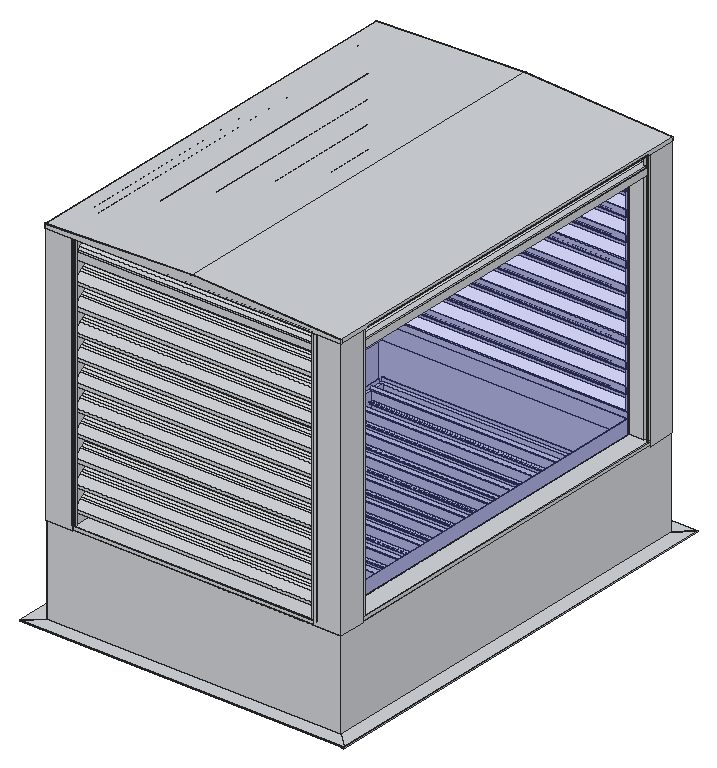
Revit family "PEL-4EV", category Mechanical Equipment, Revit 2015
Parameters
  URL = "http://unitedenertech.com/catalog/pdf/B_8%20PEL-4EV.pdf"
  Type Comments = "Louvers and Dampers will split to Multi Section Assemblies if Max. Sizes are Exceeded. See EL-4 and S-3V-I Submittals for Max. Size Listings."
  Model = "PEL-4EV"
  Manufacturer = "United Enertech Corporation"
  Louver Height [instance] = Height - C - 0' 0 7/32"  # 4' - 5 25/32"
  Louver B Width [instance] = B - 0' 9 3/4"  # 6' - 2 1/4"
  Louver A Width [instance] = A - 0' 9 3/4"  # 4' - 2 1/4"
  Height = 6' - 0"
  Description = "Louvered Penthouse 4\" Elevator Vent"
  Damper Width [instance] = A - 0' 11 1/2"  # 4' - 0 1/2"
  Damper Height [instance] = B - 0' 11 1/2"  # 6' - 0 1/2"
  C = 1' - 6"
  B Roof [instance] = B + 0' 0 1/4"  # 7' - 0 1/4"
  B = 7' - 0"
  A Roof [instance] = A + 0' 0 1/4"  # 5' - 0 1/4"
  A = 5' - 0"
Reference planes (in)
  plane 1 "Center (Front/Back)": y = 0
  plane 2: z = 0
  plane 3 "Center (Left/Right)": x = 0
  plane 4: x = -30
  plane 5: y = 42
  plane 6: x = 30
  plane 7: y = -42
  plane 8: z = 18
  plane 9: z = 72
  plane 10: z = 7.0625
  plane 11: x = -24.25
  plane 12: x = 24.25
  plane 13: y = 36.25
  plane 14: y = -36.25
  plane 15: z = 18.22
Forms (in)
  Extrusion 1, solid
    sketch origin (39.9625, 19.9659, 0) x (1, 0, 0) y (0, 1, 0)
      loop
        line (-70.0525, 16.6241) -> (-69.9625, 16.6241) -> (-69.9625, 22.0341) -> (-64.5525, 22.0341) -> (-64.5525, 22.1241) -> (-70.0525, 22.1241) -> (-70.0525, 16.6241)
    from 18.22 to 72
  Extrusion 2, solid
    sketch origin (-39.9625, 19.9659, 0) x (-1, 0, 0) y (0, -1, 0)
      loop
        line (-70.0525, -16.6241) -> (-70.0525, -22.1241) -> (-64.5525, -22.1241) -> (-64.5525, -22.0341) -> (-69.9625, -22.0341) -> (-69.9625, -16.6241) -> (-70.0525, -16.6241)
    from 18.22 to 72
  Extrusion 3, solid
    sketch origin (39.9625, -19.9659, 0) x (1, 0, 0) y (0, 1, 0)
      loop
        line (-70.0525, -16.6241) -> (-70.0525, -22.1241) -> (-64.5525, -22.1241) -> (-64.5525, -22.0341) -> (-69.9625, -22.0341) -> (-69.9625, -16.6241) -> (-70.0525, -16.6241)
    from 18.22 to 72
  Extrusion 4, solid
    sketch origin (-39.9625, -19.9659, 0) x (-1, 0, 0) y (0, -1, 0)
      loop
        line (-70.0525, 16.6241) -> (-69.9625, 16.6241) -> (-69.9625, 22.0341) -> (-64.5525, 22.0341) -> (-64.5525, 22.1241) -> (-70.0525, 22.1241) -> (-70.0525, 16.6241)
    from 18.22 to 72
Dimensions and locks (in)
  equal spacing: plane 4, plane 3 "Center (Left/Right)", plane 6
  "A": plane 4 to plane 6
  equal spacing: plane 5, plane 1 "Center (Front/Back)", plane 7
  "B": plane 5 to plane 7
  "C": plane 8 to level
  "Height": plane 9 to level
  locked: plane 10 to level at 7.0625
  equal spacing: plane 11, plane 3 "Center (Left/Right)", plane 12
  "Damper Width": plane 11 to plane 12
  equal spacing: plane 14, plane 1 "Center (Front/Back)", plane 13
  "Damper Height": plane 14 to plane 13
  locked: plane 8 to plane 15 at 0.22
  aligned and locked: level to plane 2
  aligned and locked: nested 1 to plane 5
  aligned and locked: plane 3 "Center (Left/Right)" to nested 1
  aligned and locked: nested 3 to plane 7
  aligned and locked: nested 2 to plane 6
  aligned and locked: plane 1 "Center (Front/Back)" to nested 2
  aligned and locked: plane 4 to nested 4
  aligned and locked: plane 3 "Center (Left/Right)" to nested 5
  aligned and locked: nested 5 to plane 1 "Center (Front/Back)"
  aligned and locked: nested 5 to plane 10
  aligned and locked: plane 3 "Center (Left/Right)" to nested 6
  aligned and locked: nested 6 to plane 7
  aligned and locked: plane 15 to nested 6
  aligned and locked: nested 8 to plane 15
  aligned and locked: nested 8 to plane 3 "Center (Left/Right)"
  aligned and locked: nested 8 to plane 5
  aligned and locked: plane 1 "Center (Front/Back)" to nested 7
  aligned and locked: plane 4 to nested 7
  aligned and locked: plane 15 to nested 7
  aligned and locked: nested 9 to plane 1 "Center (Front/Back)"
  aligned and locked: plane 6 to nested 9
  aligned and locked: plane 15 to nested 9
  aligned and locked: Extrusion 1 to nested 4
  aligned and locked: nested 1 to Extrusion 1
  aligned and locked: plane 15 to Extrusion 1
  aligned and locked: plane 9 to Extrusion 1
  aligned and locked: Extrusion 2 to plane 5
  aligned and locked: nested 2 to Extrusion 2
  aligned and locked: plane 7 to Extrusion 3
  aligned and locked: Extrusion 3 to nested 4
  aligned and locked: nested 2 to Extrusion 4
  aligned and locked: Extrusion 4 to nested 3
  aligned and locked: plane 15 to Extrusion 2
  aligned and locked: plane 9 to Extrusion 2
  aligned and locked: plane 15 to Extrusion 3
  aligned and locked: plane 9 to Extrusion 3
  aligned and locked: plane 15 to Extrusion 4
  aligned and locked: plane 9 to Extrusion 4
  aligned and locked: plane 1 "Center (Front/Back)" to nested 10
  aligned and locked: plane 3 "Center (Left/Right)" to nested 10
  aligned and locked: plane 9 to nested 10
Automatic sketch dimensions
  Extrusion 1 sketch curve to plane 4 = 0' - 0"
  Extrusion 1 sketch curve to plane 5 = 0' - 0"
  Extrusion 1 sketch curve to Extrusion 1 sketch curve = 0' - 0.09"
  plane 5 to Extrusion 1 sketch curve = 0' - 0.09"
  Extrusion 1 sketch curve to plane 11 = 0' - 0.34"
  plane 13 to Extrusion 1 sketch curve = 0' - 0.34"
  Extrusion 2 sketch curve to plane 5 = 0' - 0"
  Extrusion 2 sketch curve to plane 6 = 0' - 0"
  Extrusion 2 sketch curve to Extrusion 2 sketch curve = 0' - 0.09"
  Extrusion 2 sketch curve to plane 5 = 0' - 0.09"
  Extrusion 2 sketch curve to plane 12 = 0' - 0.34"
  Extrusion 2 sketch curve to plane 13 = 0' - 0.34"
  Extrusion 3 sketch curve to plane 4 = 0' - 0"
  Extrusion 3 sketch curve to plane 7 = 0' - 0"
  Extrusion 3 sketch curve to Extrusion 3 sketch curve = 0' - 0.09"
  plane 7 to Extrusion 3 sketch curve = 0' - 0.09"
  plane 11 to Extrusion 3 sketch curve = 0' - 0.34"
  Extrusion 3 sketch curve to plane 14 = 0' - 0.34"
  Extrusion 4 sketch curve to plane 6 = 0' - 0"
  Extrusion 4 sketch curve to plane 7 = 0' - 0"
  Extrusion 4 sketch curve to Extrusion 4 sketch curve = 0' - 0.09"
  Extrusion 4 sketch curve to plane 7 = 0' - 0.09"
  plane 12 to Extrusion 4 sketch curve = 0' - 0.34"
  plane 14 to Extrusion 4 sketch curve = 0' - 0.34"
Nested families (in)
  nested 1: "Curb Side 1" at (0, 42, 0), type "Curb Side 1"
    with C 1' - 6"
  nested 2: "Curb Side 2" at (30, 0, 0) x (0, -1, 0) z (0, 0, 1), type "Curb Side 2"
    with Width 7' - 0", C 1' - 6"
  nested 3: "Curb Side 1" at (0, -42, 0), type "Curb Side 1"
    with C 1' - 6"
  nested 4: "Curb Side 2" at (-30, 0, 0) x (0, -1, 0) z (0, 0, 1), type "Curb Side 2"
    with Width 7' - 0", C 1' - 6"
  nested 5: "PEL-4EV S-3V-I" at (0, -36.25, 12.0625) x (1, 0, 0) z (0, 1, 0), type "PEL-4EV S-3V-I"
    with Blade Number 12, BW 3' - 10", Exact Width 4' - 0 1/2", Exact Height 6' - 0 1/2"
  nested 6: "EL-4" at (0, -42, 18.22), type "EL-4"
    with Blade Number 10, BW 4' - 0 9/16", Exact Width 4' - 2 1/4", Exact Height 4' - 5 25/32"
  nested 7: "B Side with Blades" at (-30, 0, 18.22) x (0, -1, 0) z (0, 0, 1), type "B Side with Blades"
    with Blade Number 10, BW 6' - 0 9/16", Exact Width 6' - 2 1/4", Exact Height 4' - 5 25/32"
  nested 8: "EL-4" at (0, 42, 18.22), type "EL-4"
    with Blade Number 10, BW 4' - 0 9/16", Exact Width 4' - 2 1/4", Exact Height 4' - 5 25/32"
  nested 9: "B Side with Glass(Recovery)" at (30, 0, 18.22) x (0, 1, 0) z (0, 0, 1), type "B Side with Glass(Recovery)"
    with Blade Number 10, BW 6' - 0 9/16", Exact Width 6' - 2 1/4", Exact Height 4' - 5 25/32"
  nested 10: "Roof" at (0, 0, 71.5), type "Roof"
    with B 7' - 0 1/4", A 5' - 0 1/4"
Definition of nested family "Curb Side 1"
  Parameters (values of type "Curb Side 1")
    Width = 5' - 0"
    C = 1' - 0"
  Reference planes (in)
    plane 1 "Center (Front/Back)": y = 0
    plane 2: z = 0
    plane 3 "Center (Left/Right)": x = 0
    plane 4: x = -30
    plane 5: x = 30
    plane 6: x = 33
    plane 7: x = -33
  Forms (in)
    Extrusion 1, solid
      sketch origin (0, -0.3745, -0.23056) x (0, 1, 0) y (0, 0, 1)
        loop
          line (3.3745, 0.44062) -> (0.3745, 0.44062) -> (0.3745, 12.44062) -> (-4.5005, 12.44062) -> (-4.5005, 15.44062) -> (-4.6051, 15.44062) -> (-4.6051, 12.33516) -> (0.26903, 12.33516) -> (0.26903, 0.33516) -> (3.3745, 0.33516) -> (3.3745, 0.44062)
      from -33 to 33
    Extrusion 2, solid
      sketch origin (0, -0.3745, -0.23056) x (0, 1, 0) y (0, 0, 1)
        loop
          line (3.3745, 0.33516) -> (-1.1255, 0.33516) -> (-1.1255, 12.33516) -> (-1.2301, 12.33516) -> (-1.2301, 0.23056) -> (3.3745, 0.23056) -> (3.3745, 0.33516)
      from -33 to 33
    Extrusion 3, solid
      sketch origin (0, -0.3745, -0.23056) x (0, 1, 0) y (0, 0, 1)
        loop
          line (-1.2301, 7.23056) -> (-5.6051, 7.23056) -> (-5.6051, 7.12596) -> (-1.3347, 7.12596) -> (-1.3347, 6.48056) -> (-1.2301, 6.48056) -> (-1.2301, 7.23056)
      from -33 to 33
    Extrusion 4, void
      sketch origin (0, 0, 0) x (1, 0, 0) y (0, 1, 0)
        loop
          line (-33, 3) -> (-33, -10.08148) -> (-19.91852, -10.08148) -> (-33, 3)
      from 0 to 87.42667
    Extrusion 5, void
      sketch origin (0, 0, 0) x (-1, 0, 0) y (0, -1, 0)
        loop
          line (-33, -3) -> (-19.91852, 10.08148) -> (-33, 10.08148) -> (-33, -3)
      from 0 to 87.42667
  Cuts and joins
    Extrusion 4, Extrusion 5 cuts Extrusion 1
    Extrusion 4, Extrusion 5 cuts Extrusion 2
    Extrusion 4, Extrusion 5 cuts Extrusion 3
  Dimensions and locks (in)
    "C": Extrusion 1 sketch curve to Extrusion 1 sketch curve
    "C": Extrusion 2 sketch curve to Extrusion 2 sketch curve
    locked: Extrusion 3 to level at 7
    equal spacing: plane 4, plane 3 "Center (Left/Right)", plane 5
    "Width": plane 4 to plane 5
    locked: plane 5 to plane 6 at 3
    locked: plane 7 to plane 4 at 3
    angle Extrusion 4 sketch curve to Extrusion 4 sketch curve = 45.00°
    angle Extrusion 5 sketch curve to Extrusion 5 sketch curve = 45.00°
    aligned and locked: level to plane 2
    aligned and locked: plane 7 to Extrusion 4 sketch curve
    aligned and locked: Extrusion 5 sketch curve to plane 6
    aligned and locked: cut or joined group of Extrusion 1, Extrusion 4, Extrusion 5 to plane 7
    aligned and locked: cut or joined group of Extrusion 2, Extrusion 4, Extrusion 5 to plane 7
    aligned and locked: cut or joined group of Extrusion 3, Extrusion 4, Extrusion 5 to plane 7
    aligned and locked: cut or joined group of Extrusion 2, Extrusion 4, Extrusion 5 to plane 6
    aligned and locked: cut or joined group of Extrusion 1, Extrusion 4, Extrusion 5 to plane 6
    aligned and locked: cut or joined group of Extrusion 3, Extrusion 4, Extrusion 5 to plane 6
  Automatic sketch dimensions
    plane 1 "Center (Front/Back)" to Extrusion 3 sketch curve = 0' - 5.9796"
    plane 1 "Center (Front/Back)" to Extrusion 3 sketch curve = 0' - 1.7092"
    Extrusion 3 sketch curve to Extrusion 3 sketch curve = 0' - 0.1046"  (x2)
    level to Extrusion 3 sketch curve = 0' - 6 1/4"
    Extrusion 3 sketch curve to Extrusion 3 sketch curve = 0' - 0.6454"
    plane 4 to Extrusion 4 sketch curve = 0' - 10.08148"
    plane 1 "Center (Front/Back)" to Extrusion 4 sketch curve = 0' - 10.08148"
    plane 5 to Extrusion 5 sketch curve = 0' - 10.08148"
    Extrusion 5 sketch curve to plane 1 "Center (Front/Back)" = 0' - 10.08148"
    Extrusion 1 sketch curve to plane 1 "Center (Front/Back)" = 0' - 0"
    plane 1 "Center (Front/Back)" to Extrusion 1 sketch curve = 0' - 0 27/256"
    plane 1 "Center (Front/Back)" to Extrusion 1 sketch curve = 0' - 4 7/8"
    Extrusion 1 sketch curve to Extrusion 1 sketch curve = 0' - 0.1046"
    level to Extrusion 1 sketch curve = 0' - 0.21007"
    Extrusion 1 sketch curve to Extrusion 1 sketch curve = 0' - 3"  (x2)
    level to Extrusion 1 sketch curve = 0' - 0.1046"
    Extrusion 1 sketch curve to Extrusion 1 sketch curve = 0' - 0 27/256"
    Extrusion 2 sketch curve to level = 0' - 0"
    plane 1 "Center (Front/Back)" to Extrusion 2 sketch curve = 0' - 1.6046"
    Extrusion 2 sketch curve to Extrusion 2 sketch curve = 0' - 0.1046"
    Extrusion 2 sketch curve to plane 1 "Center (Front/Back)" = 0' - 3"
    level to Extrusion 2 sketch curve = 0' - 0.1046"
Definition of nested family "Curb Side 2"
  Parameters (values of type "Curb Side 2")
    Width = 5' - 0"
    C = 1' - 0"
  Reference planes (in)
    plane 1 "Center (Front/Back)": y = 0
    plane 2: z = 0
    plane 3 "Center (Left/Right)": x = 0
    plane 4: x = -30
    plane 5: x = 30
    plane 6: x = 33
    plane 7: x = -33
  Forms (in)
    Extrusion 1, solid
      sketch origin (0, -0.3745, -0.23056) x (0, 1, 0) y (0, 0, 1)
        loop
          line (3.3745, 0.44062) -> (0.3745, 0.44062) -> (0.3745, 12.44062) -> (-4.5005, 12.44062) -> (-4.5005, 15.44062) -> (-4.6051, 15.44062) -> (-4.6051, 12.33516) -> (0.26903, 12.33516) -> (0.26903, 0.33516) -> (3.3745, 0.33516) -> (3.3745, 0.44062)
      from -33 to 33
    Extrusion 2, solid
      sketch origin (0, -0.3745, -0.23056) x (0, 1, 0) y (0, 0, 1)
        loop
          line (3.3745, 0.33516) -> (-1.1255, 0.33516) -> (-1.1255, 12.33516) -> (-1.2301, 12.33516) -> (-1.2301, 0.23056) -> (3.3745, 0.23056) -> (3.3745, 0.33516)
      from -33 to 33
    Extrusion 3, solid
      sketch origin (0, -0.3745, -0.23056) x (0, 1, 0) y (0, 0, 1)
        loop
          line (-1.2301, 7.23056) -> (-5.6051, 7.23056) -> (-5.6051, 7.12596) -> (-1.3347, 7.12596) -> (-1.3347, 6.48056) -> (-1.2301, 6.48056) -> (-1.2301, 7.23056)
      from -33 to 33
    Extrusion 4, void
      sketch origin (0, 0, 0) x (1, 0, 0) y (0, 1, 0)
        loop
          line (-33, 3) -> (-33, -10.08148) -> (-19.91852, -10.08148) -> (-33, 3)
      from 0 to 87.42667
    Extrusion 5, void
      sketch origin (0, 0, 0) x (-1, 0, 0) y (0, -1, 0)
        loop
          line (-33, -3) -> (-19.91852, 10.08148) -> (-33, 10.08148) -> (-33, -3)
      from 0 to 87.42667
  Cuts and joins
    Extrusion 4, Extrusion 5 cuts Extrusion 1
    Extrusion 4, Extrusion 5 cuts Extrusion 2
    Extrusion 4, Extrusion 5 cuts Extrusion 3
  Dimensions and locks (in)
    "C": Extrusion 1 sketch curve to Extrusion 1 sketch curve
    "C": Extrusion 2 sketch curve to Extrusion 2 sketch curve
    locked: Extrusion 3 to level at 7
    equal spacing: plane 4, plane 3 "Center (Left/Right)", plane 5
    "Width": plane 4 to plane 5
    locked: plane 5 to plane 6 at 3
    locked: plane 7 to plane 4 at 3
    angle Extrusion 4 sketch curve to Extrusion 4 sketch curve = 45.00°
    angle Extrusion 5 sketch curve to Extrusion 5 sketch curve = 45.00°
    aligned and locked: level to plane 2
    aligned and locked: plane 7 to Extrusion 4 sketch curve
    aligned and locked: Extrusion 5 sketch curve to plane 6
    aligned and locked: cut or joined group of Extrusion 1, Extrusion 4, Extrusion 5 to plane 7
    aligned and locked: cut or joined group of Extrusion 2, Extrusion 4, Extrusion 5 to plane 7
    aligned and locked: cut or joined group of Extrusion 3, Extrusion 4, Extrusion 5 to plane 7
    aligned and locked: cut or joined group of Extrusion 2, Extrusion 4, Extrusion 5 to plane 6
    aligned and locked: cut or joined group of Extrusion 1, Extrusion 4, Extrusion 5 to plane 6
    aligned and locked: cut or joined group of Extrusion 3, Extrusion 4, Extrusion 5 to plane 6
  Automatic sketch dimensions
    plane 1 "Center (Front/Back)" to Extrusion 3 sketch curve = 0' - 5.9796"
    plane 1 "Center (Front/Back)" to Extrusion 3 sketch curve = 0' - 1.7092"
    Extrusion 3 sketch curve to Extrusion 3 sketch curve = 0' - 0.1046"  (x2)
    level to Extrusion 3 sketch curve = 0' - 6 1/4"
    Extrusion 3 sketch curve to Extrusion 3 sketch curve = 0' - 0.6454"
    plane 4 to Extrusion 4 sketch curve = 0' - 10.08148"
    plane 1 "Center (Front/Back)" to Extrusion 4 sketch curve = 0' - 10.08148"
    plane 5 to Extrusion 5 sketch curve = 0' - 10.08148"
    Extrusion 5 sketch curve to plane 1 "Center (Front/Back)" = 0' - 10.08148"
    Extrusion 1 sketch curve to plane 1 "Center (Front/Back)" = 0' - 0"
    plane 1 "Center (Front/Back)" to Extrusion 1 sketch curve = 0' - 0 27/256"
    plane 1 "Center (Front/Back)" to Extrusion 1 sketch curve = 0' - 4 7/8"
    Extrusion 1 sketch curve to Extrusion 1 sketch curve = 0' - 0.1046"
    level to Extrusion 1 sketch curve = 0' - 0.21007"
    Extrusion 1 sketch curve to Extrusion 1 sketch curve = 0' - 3"  (x2)
    level to Extrusion 1 sketch curve = 0' - 0.1046"
    Extrusion 1 sketch curve to Extrusion 1 sketch curve = 0' - 0 27/256"
    Extrusion 2 sketch curve to level = 0' - 0"
    plane 1 "Center (Front/Back)" to Extrusion 2 sketch curve = 0' - 1.6046"
    Extrusion 2 sketch curve to Extrusion 2 sketch curve = 0' - 0.1046"
    Extrusion 2 sketch curve to plane 1 "Center (Front/Back)" = 0' - 3"
    level to Extrusion 2 sketch curve = 0' - 0.1046"
Definition of nested family "PEL-4EV S-3V-I"
  Parameters (values of type "PEL-4EV S-3V-I")
    URL = "http://unitedenertech.com/catalog/pdf/C-1%20%20S-3V-I.pdf"
    Type Comments = "Max. Single Section Size is (36\"w x 48\"h)"
    Model = "S-3V-I, S-3V-II"
    Manufacturer = "United Enertech Corporation"
    Keynote = "FSLF-120 Actuator Shown In the Air Stream, Consult Factory for Out of the Air Stream Placement in Models. See Website for Correct Actuator for Damper Size."
    Exact Width = 3' - 0"
    Exact Height = 2' - 0"
    Description = "Low Leakage Smoke Damper"
    Depth = 1' - 4"
    Blade Spacing = 0' - 5 3/4"
    Blade Number [instance] = rounddown((Exact Height - 0' 3") / Blade Spacing)  # 3
    BW [instance] = Exact Width - 0' 2 1/2"  # 2' - 9 1/2"
  Reference planes (in)
    plane 1 "Center (Front/Back)": y = 0
    plane 2: z = 0
    plane 3 "Center (Left/Right)": x = 0
    plane 4: z = 24
    plane 5: x = -18
    plane 6: x = 18
    plane 7: z = 0.0359
    plane 8: z = 23.9641
    plane 9: x = -17.9641
    plane 10: x = 17.9641
    plane 11: y = 5
    plane 12: z = 0.9348
    plane 13: z = 23.0293
    plane 14: x = -17.0293
    plane 15: x = 17.0293
    plane 16: z = 20.27732
    plane 17: y = 4.3098
    plane 18: z = 22.5
    plane 19: z = 11.4428
    plane 20: z = 20.24218
    plane 21: z = 19.78895
    plane 22: z = 20.97045
    plane 23: z = 21.95421
    plane 24: z = -1
    plane 25: z = 24.9641
    plane 26: z = 12
  Forms (in)
    Extrusion 1, solid
      sketch origin (23.93472, -8.11588, 0) x (1, 0, 0) y (0, 1, 0)
        loop
          line (-41.83902, 8.11588) -> (-41.83902, 8.17568) -> (-41.83902, 8.80608) -> (-40.96402, 8.80608) -> (-40.96402, 12.42568) -> (-41.83902, 12.42568) -> (-41.83902, 13.05608) -> (-41.83902, 13.11588) -> (-41.89882, 13.11588) -> (-41.89882, 12.36588) -> (-41.02382, 12.36588) -> (-41.02382, 8.86588) -> (-41.89882, 8.86588) -> (-41.89882, 8.11588) -> (-41.83902, 8.11588)
      from 0.9348 to 23.0293
    Extrusion 2, solid
      sketch origin (31.96104, -8.11588, 36.89882) x (0, 0, 1) y (0, 1, 0)
        loop
          line (-36.83902, 8.17568) -> (-36.83902, 8.80608) -> (-35.96402, 8.80608) -> (-35.96402, 12.42568) -> (-36.83902, 12.42568) -> (-36.83902, 13.05608) -> (-36.83902, 13.11588) -> (-36.89882, 13.11588) -> (-36.89882, 12.36588) -> (-36.02382, 12.36588) -> (-36.02382, 8.86588) -> (-36.89882, 8.86588) -> (-36.89882, 8.11588) -> (-36.83902, 8.11588) -> (-36.83902, 8.17568)
      from 13.99694 to 49.92514
    Extrusion 3, solid
      sketch origin (26.89178, -38.52709, 32.33205) x (0, -1, 0) y (0, 0, -1)
        loop
          line (-41.02709, 9.80275) -> (-41.02709, 9.30275) -> (-40.27709, 9.30275) -> (-40.27709, 9.38375) -> (-40.94609, 9.38375) -> (-40.94609, 9.80275) -> (-41.02709, 9.80275)
      from -43.92108 to -9.86248
    Extrusion 4, solid
      sketch origin (62.39247, 5.64851, 0.33329) x (0, 1, 0) y (0, 0, 1)
        loop
          line (-3.14851, 3.60151) -> (-3.22663, 3.60151) -> (-3.22663, 0.67964) -> (-3.89851, 0.67964) -> (-3.89851, 0.60151) -> (-3.14851, 0.60151) -> (-3.14851, 3.60151)
      from -79.42177 to -45.36317
    Extrusion 5, solid
      sketch origin (-23.93472, -8.11588, 0) x (-1, 0, 0) y (0, -1, 0)
        loop
          line (-41.83902, -8.11588) -> (-41.89882, -8.11588) -> (-41.89882, -8.86588) -> (-41.02382, -8.86588) -> (-41.02382, -12.36588) -> (-41.89882, -12.36588) -> (-41.89882, -13.11588) -> (-41.83902, -13.11588) -> (-41.83902, -13.05608) -> (-41.83902, -12.42568) -> (-40.96402, -12.42568) -> (-40.96402, -8.80608) -> (-41.83902, -8.80608) -> (-41.83902, -8.17568) -> (-41.83902, -8.11588)
      from 0.9348 to 23.0293
    Extrusion 6, solid
      sketch origin (31.96104, -8.11588, 11.06528) x (0, 0, -1) y (0, -1, 0)
        loop
          line (-12.83902, -8.17568) -> (-12.83902, -8.11588) -> (-12.89882, -8.11588) -> (-12.89882, -8.86588) -> (-12.02382, -8.86588) -> (-12.02382, -12.36588) -> (-12.89882, -12.36588) -> (-12.89882, -13.11588) -> (-12.83902, -13.11588) -> (-12.83902, -13.05608) -> (-12.83902, -12.42568) -> (-11.96402, -12.42568) -> (-11.96402, -8.80608) -> (-12.83902, -8.80608) -> (-12.83902, -8.17568)
      from 13.99694 to 49.92514
    Extrusion 7, solid
      sketch origin (0, 0, 0) x (0, 1, 0) y (0, 0, 1)
        loop
          line (7.9528, 20.24218) -> (7.6668, 20.24218)
          arc (7.6668, 20.24218) -> (7.8098, 19.71875) -> (7.9528, 20.24218) r 0.28125
      from -17.9641 to 17.9641
    Extrusion 8, solid
      sketch origin (3.69528, 2.6823, 0) x (1, 0, 0) y (0, 1, 0)
        loop
          line (-21.65938, 1.3177) -> (-21.65938, 2.3177) -> (-22.65938, 2.3177) -> (-22.65938, 2.2699) -> (-21.70718, 2.2699) -> (-21.70718, 1.3177) -> (-21.65938, 1.3177)
      from -1 to 24.9641
    Extrusion 9, solid
      sketch origin (-3.69528, 2.6823, 0) x (-1, 0, 0) y (0, -1, 0)
        loop
          line (-21.65938, -1.3177) -> (-21.70718, -1.3177) -> (-21.70718, -2.2699) -> (-22.65938, -2.2699) -> (-22.65938, -2.3177) -> (-21.65938, -2.3177) -> (-21.65938, -1.3177)
      from -1 to 24.9641
    Extrusion 10, solid
      sketch origin (12, 2.6823, 15.69528) x (0, 0, 1) y (0, 1, 0)
        loop
          line (-15.65938, 1.3177) -> (-15.65938, 2.3177) -> (-16.65938, 2.3177) -> (-16.65938, 2.2699) -> (-15.70718, 2.2699) -> (-15.70718, 1.3177) -> (-15.65938, 1.3177)
      from -5.9641 to 29.9641
    Extrusion 11, solid
      sketch origin (12, 2.6823, 18.30472) x (0, 0, -1) y (0, -1, 0)
        loop
          line (-5.65938, -1.3177) -> (-5.70718, -1.3177) -> (-5.70718, -2.2699) -> (-6.65938, -2.2699) -> (-6.65938, -2.3177) -> (-5.65938, -2.3177) -> (-5.65938, -1.3177)
      from -5.9641 to 29.9641
  Dimensions and locks (in)
    "Exact Height": plane 4 to level
    equal spacing: plane 5, plane 3 "Center (Left/Right)", plane 6
    "Exact Width": plane 5 to plane 6
    locked: plane 7 to level at 0.0359
    locked: plane 4 to plane 8 at 0.0359
    locked: plane 5 to plane 9 at 0.0359
    locked: plane 10 to plane 6 at 0.0359
    locked: plane 1 "Center (Front/Back)" to plane 11 at 5
    locked: plane 12 to level at 0.9348
    locked: plane 8 to plane 13 at 0.9348
    locked: plane 14 to plane 9 at 0.9348
    locked: plane 10 to plane 15 at 0.9348
    locked: plane 4 to plane 16 at 3.72268
    locked: plane 11 to plane 17 at 0.6902
    locked: plane 4 to plane 18 at 1.5
    locked: plane 4 to plane 19 at 12.5572
    locked: plane 4 to plane 20 at 3.75782
    locked: plane 4 to plane 21 at 4.21105
    equal spacing: group 2, group 3, group 4  (x2)
    equal spacing: group 4, group 3, group 2
    "Blade Spacing": nested 4 to nested 5
    locked: plane 4 to plane 22 at 3.02955
    locked: plane 18 to plane 23 at 0.54579
    locked: plane 25 to plane 8 at 1
    equal spacing: plane 4, plane 26, level
    aligned and locked: level to plane 2
    aligned and locked: Extrusion 1 to plane 9
    aligned and locked: Extrusion 5 to plane 10
    aligned and locked: Extrusion 2 to plane 9
    aligned and locked: Extrusion 2 to plane 10
    aligned and locked: Extrusion 5 to plane 12
    aligned and locked: Extrusion 1 to plane 12
    aligned and locked: plane 8 to Extrusion 6
    aligned and locked: plane 13 to Extrusion 5
    aligned and locked: plane 13 to Extrusion 1
    aligned and locked: Extrusion 6 to plane 9
    aligned and locked: Extrusion 6 to plane 10
    aligned and locked: Extrusion 4 to plane 14
    aligned and locked: plane 15 to Extrusion 4
    aligned and locked: Extrusion 6 to plane 13
    aligned and locked: plane 13 to Extrusion 3
    aligned and locked: Extrusion 3 to plane 14
    aligned and locked: plane 15 to Extrusion 3
    aligned and locked: nested 2 to plane 10
    aligned and locked: plane 9 to nested 3
    aligned and locked: nested 3 to plane 17
    aligned and locked: plane 17 to nested 2
    aligned and locked: Extrusion 7 to plane 10
    aligned and locked: Extrusion 7 to plane 9
    aligned and locked: nested 3 to plane 18
    aligned and locked: plane 18 to nested 2
    aligned and locked: plane 20 to Extrusion 7
    aligned and locked: nested 4 to plane 21
    aligned and locked: nested 4 to plane 3 "Center (Left/Right)"
    aligned and locked: plane 15 to nested 6
    aligned and locked: plane 23 to nested 6
    aligned and locked: plane 9 to Extrusion 8
    aligned and locked: plane 24 to Extrusion 8
    aligned and locked: Extrusion 8 to plane 25
    aligned and locked: plane 10 to Extrusion 9
    aligned and locked: Extrusion 9 to plane 25
    aligned and locked: plane 24 to Extrusion 9
    aligned and locked: Extrusion 10 to plane 10
    aligned and locked: Extrusion 11 to plane 8
    aligned and locked: Extrusion 11 to plane 9
    aligned and locked: Extrusion 11 to plane 10
    aligned and locked: Extrusion 10 to plane 9
  Automatic sketch dimensions
    Extrusion 1 sketch curve to plane 9 = 0' - 0"  (x2)
    plane 1 "Center (Front/Back)" to Extrusion 1 sketch curve = 0' - 0"
    plane 17 to Extrusion 1 sketch curve = 0' - 0"
    plane 11 to Extrusion 1 sketch curve = 0' - 0"
    Extrusion 1 sketch curve to plane 14 = 0' - 0"
    plane 9 to Extrusion 1 sketch curve = 0' - 0.0598"  (x2)
    Extrusion 1 sketch curve to plane 14 = 0' - 0.0598"
    Extrusion 1 sketch curve to plane 1 "Center (Front/Back)" = 0' - 0.0598"
    Extrusion 1 sketch curve to Extrusion 1 sketch curve = 0' - 0.6304"
    Extrusion 1 sketch curve to Extrusion 1 sketch curve = 0' - 0.0598"  (x2)
    plane 17 to Extrusion 1 sketch curve = 0' - 0.0598"
    Extrusion 2 sketch curve to level = 0' - 0"  (x2)
    Extrusion 2 sketch curve to plane 1 "Center (Front/Back)" = 0' - 0"
    Extrusion 2 sketch curve to plane 17 = 0' - 0"
    Extrusion 2 sketch curve to plane 11 = 0' - 0"
    Extrusion 2 sketch curve to plane 12 = 0' - 0"
    plane 7 to Extrusion 2 sketch curve = 0' - 0.0239"  (x2)
    Extrusion 2 sketch curve to plane 12 = 0' - 0.0598"
    Extrusion 2 sketch curve to plane 1 "Center (Front/Back)" = 0' - 0.0598"
    Extrusion 2 sketch curve to Extrusion 2 sketch curve = 0' - 0.6304"
    Extrusion 2 sketch curve to Extrusion 2 sketch curve = 0' - 0.0598"
    plane 17 to Extrusion 2 sketch curve = 0' - 0.0598"
    plane 11 to Extrusion 2 sketch curve = 0' - 0.0598"
    plane 13 to Extrusion 3 sketch curve = 0' - 0"
    plane 18 to Extrusion 3 sketch curve = 0' - 0.0293"
    plane 17 to Extrusion 3 sketch curve = 0' - 1.8098"
    Extrusion 3 sketch curve to Extrusion 3 sketch curve = 0' - 0.081"
    Extrusion 3 sketch curve to plane 13 = 0' - 0.081"
    Extrusion 3 sketch curve to Extrusion 3 sketch curve = 0' - 0.669"
    plane 12 to Extrusion 4 sketch curve = 0' - 0"
    plane 12 to Extrusion 4 sketch curve = 0' - 0 5/64"
    Extrusion 4 sketch curve to plane 1 "Center (Front/Back)" = 0' - 1 3/4"
    plane 17 to Extrusion 4 sketch curve = 0' - 1.88793"
    Extrusion 4 sketch curve to Extrusion 4 sketch curve = 0' - 0 5/64"
    Extrusion 4 sketch curve to Extrusion 4 sketch curve = 0' - 2 59/64"
    Extrusion 5 sketch curve to plane 10 = 0' - 0"  (x2)
    plane 1 "Center (Front/Back)" to Extrusion 5 sketch curve = 0' - 0"
    plane 17 to Extrusion 5 sketch curve = 0' - 0"
    plane 11 to Extrusion 5 sketch curve = 0' - 0"
    Extrusion 5 sketch curve to plane 15 = 0' - 0"
    Extrusion 5 sketch curve to plane 10 = 0' - 0.0598"  (x2)
    Extrusion 5 sketch curve to plane 15 = 0' - 0.0598"
    plane 1 "Center (Front/Back)" to Extrusion 5 sketch curve = 0' - 0.0598"
    Extrusion 5 sketch curve to Extrusion 5 sketch curve = 0' - 0.6304"
    Extrusion 5 sketch curve to Extrusion 5 sketch curve = 0' - 0.0598"
    Extrusion 5 sketch curve to plane 17 = 0' - 0.0598"
    Extrusion 5 sketch curve to plane 11 = 0' - 0.0598"
    Extrusion 6 sketch curve to plane 8 = 0' - 0"  (x2)
    Extrusion 6 sketch curve to plane 1 "Center (Front/Back)" = 0' - 0"
    Extrusion 6 sketch curve to plane 17 = 0' - 0"
    Extrusion 6 sketch curve to plane 11 = 0' - 0"
    Extrusion 6 sketch curve to plane 13 = 0' - 0"
    Extrusion 6 sketch curve to plane 8 = 0' - 0.0598"  (x2)
    plane 13 to Extrusion 6 sketch curve = 0' - 0.0598"
    plane 11 to Extrusion 6 sketch curve = 0' - 0.0598"
    plane 17 to Extrusion 6 sketch curve = 0' - 0.0598"
    Extrusion 6 sketch curve to Extrusion 6 sketch curve = 0' - 0 3/4"
    Extrusion 6 sketch curve to Extrusion 6 sketch curve = 0' - 0.0598"  (x2)
    Extrusion 7 sketch curve to plane 20 = 0' - 0"
    Extrusion 7 sketch curve to plane 11 = 0' - 2.6668"
    Extrusion 7 sketch curve to Extrusion 7 sketch curve = 0' - 0.143"
    plane 21 to Extrusion 7 sketch curve = 0' - 0.21105"
    plane 11 to Extrusion 8 sketch curve = 0' - 0"
    Extrusion 8 sketch curve to plane 9 = 0' - 0"
    plane 5 to Extrusion 8 sketch curve = 0' - 0.0119"
    Extrusion 8 sketch curve to Extrusion 8 sketch curve = 0' - 0.9522"
    plane 11 to Extrusion 8 sketch curve = 0' - 0.0478"
    plane 17 to Extrusion 8 sketch curve = 0' - 0.3098"
    plane 11 to Extrusion 9 sketch curve = 0' - 0"
    Extrusion 9 sketch curve to plane 10 = 0' - 0"
    Extrusion 9 sketch curve to plane 6 = 0' - 0.0119"
    Extrusion 9 sketch curve to Extrusion 9 sketch curve = 0' - 0.9522"
    Extrusion 9 sketch curve to plane 11 = 0' - 0.0478"
    Extrusion 9 sketch curve to plane 17 = 0' - 0.3098"
    Extrusion 10 sketch curve to plane 11 = 0' - 0"
    Extrusion 10 sketch curve to plane 7 = 0' - 0"
    Extrusion 10 sketch curve to level = 0' - 0.0119"
    Extrusion 10 sketch curve to plane 24 = 0' - 0.0359"
    plane 11 to Extrusion 10 sketch curve = 0' - 0.0478"
    plane 17 to Extrusion 10 sketch curve = 0' - 0.3098"
    Extrusion 11 sketch curve to plane 11 = 0' - 0"
    plane 11 to Extrusion 11 sketch curve = 0' - 0.0478"
    plane 19 to Extrusion 11 sketch curve = 1' - 1.5213"
    Extrusion 11 sketch curve to Extrusion 11 sketch curve = 0' - 0.9522"
    Extrusion 11 sketch curve to Extrusion 11 sketch curve = 0' - 0.0478"
    plane 17 to Extrusion 11 sketch curve = 0' - 0.3098"
  Nested families (in)
    nested 1: "160BL" at (62.39247, -25.11688, 30.67097), type "160BL", not visible
      with Blade Width 2' - 9 1/2"
    nested 2: "Fire Smoke Actuator Bracket" at (18.23913, 4.3098, 21.56141) x (0, 0, 1) z (0, 1, 0), type "Fire Smoke Actuator Bracket"
    nested 3: "Fire Smoke Actuator Bracket" at (-18.23913, 4.3098, 21.56141) x (0, 0, 1) z (0, 1, 0), type "Fire Smoke Actuator Bracket"
    nested 4: "3VBLADE" at (0, -1.33126, 18.20661), type "3VBLADE"
      with Blade Width 2' - 9 1/2"
    nested 5: "3VBLADE" at (0, -1.33126, 12.45661), type "3VBLADE"
      with Blade Width 2' - 9 1/2"
    nested 6: "FSLF-120" at (14.8204, 15.07499, 25.2294) x (1, 0, 0) z (0, -1, 0), type "FSLF-120"
    nested 7: "3VBLADE" at (0, -1.33126, 6.70661), type "3VBLADE"
      with Blade Width 2' - 9 1/2"
  Definition of nested family "160BL"
    Parameters (values of type "160BL")
      Blade Width = 2' - 0"
    Reference planes (in)
      plane 1 "Center (Front/Back)": y = 0
      plane 2: z = 0
      plane 3 "Center (Left/Right)": x = 0
      plane 4: x = -12
      plane 5: x = 12
      plane 6: x = 13
      plane 7: x = 10
      plane 8: x = -10
      plane 9: x = -13
    Forms (in)
      Extrusion 1, solid
        sketch origin (-29.66395, -41.88595, -4.51752) x (0, -1, 0) y (0, 0, -1)
          loop
            line (-42.3214, -5.69562) -> (-42.3214, -6.04405) -> (-41.94647, -6.04405) -> (-41.94647, -5.69562) -> (-42.3214, -5.69562)
        from 39.66395 to 42.66395
      Extrusion 2, solid
        sketch origin (-29.66395, -42.01854, -6.8342) x (0, -1, 0) y (0, 0, -1)
          loop
            line (-43.46599, -7.97904) -> (-43.51899, -7.97904) -> (-43.51899, -8.39235) -> (-42.90411, -8.41377) -> (-42.50696, -8.41377) -> (-42.50696, -8.36074) -> (-42.90411, -8.36074) -> (-43.46599, -8.34116) -> (-43.46599, -7.97904)
        from 17.66395 to 41.66395
      Extrusion 3, solid
        sketch origin (-29.66395, -42.01854, -6.8342) x (0, -1, 0) y (0, 0, -1)
          loop
            line (-43.41296, -8.32667) -> (-43.41296, -8.03022) -> (-42.89933, -8.01224) -> (-42.50696, -8.01224) -> (-42.50696, -8.41377) -> (-42.02598, -8.41377) -> (-42.02598, -8.0123) -> (-41.62883, -8.0123) -> (-41.11996, -8.03003) -> (-41.11996, -8.32648) -> (-41.06699, -8.32648) -> (-41.06699, -7.97904) -> (-41.63442, -7.95927) -> (-42.07906, -7.95927) -> (-42.07906, -8.36074) -> (-42.45398, -8.36074) -> (-42.45398, -7.95927) -> (-42.90119, -7.95927) -> (-43.46596, -7.97904) -> (-43.46596, -8.32667) -> (-43.41296, -8.32667)
        from 17.66395 to 41.66395
      Extrusion 4, solid
        sketch origin (-29.66395, -42.01854, -6.8342) x (0, -1, 0) y (0, 0, -1)
          loop
            line (-42.45398, -7.95927) -> (-42.45398, -8.01224) -> (-42.07906, -8.01224) -> (-42.07906, -7.95927) -> (-42.45398, -7.95927)
        from 17.66395 to 41.66395
      Extrusion 5, solid
        sketch origin (-29.66395, -42.01854, -6.8342) x (0, -1, 0) y (0, 0, -1)
          loop
            line (-41.06705, -7.97904) -> (-41.06705, -8.34116) -> (-41.62893, -8.36074) -> (-42.02598, -8.36074) -> (-42.02598, -8.41377) -> (-41.62893, -8.41377) -> (-41.01405, -8.39235) -> (-41.01405, -7.97904) -> (-41.06705, -7.97904)
        from 17.66395 to 41.66395
      Extrusion 6, solid
        sketch origin (-29.66395, -42.01854, -6.8342) x (0, -1, 0) y (0, 0, -1)
          loop
            line (-45.11444, -8.04212) -> (-45.14143, -8.06102) -> (-45.14143, -8.15472) -> (-43.65311, -8.44766) -> (-43.61881, -8.3631) -> (-43.58593, -8.44056) -> (-40.94517, -8.44056) -> (-40.91325, -8.36156) -> (-40.87962, -8.44109) -> (-40.06454, -8.37558) -> (-40.01199, -8.16476) -> (-39.44168, -8.27557) -> (-39.41851, -8.2524) -> (-40.03184, -8.13323) -> (-40.08641, -8.35172) -> (-40.86, -8.41376) -> (-40.88095, -8.33556) -> (-40.94478, -8.33556) -> (-40.96652, -8.41377) -> (-43.56615, -8.41377) -> (-43.58705, -8.33578) -> (-43.65168, -8.33578) -> (-43.67323, -8.41619) -> (-45.11444, -8.13252) -> (-45.11444, -8.04212)
        from 17.66395 to 41.66395
      Extrusion 7, solid
        sketch origin (-29.66395, 42.51351, 9.53877) x (0, 1, 0) y (0, 0, 1)
          loop
            line (-45.11444, -8.04212) -> (-45.14143, -8.06102) -> (-45.14143, -8.15472) -> (-43.65311, -8.44766) -> (-43.61881, -8.3631) -> (-43.58593, -8.44056) -> (-40.94517, -8.44056) -> (-40.91325, -8.36156) -> (-40.87962, -8.44109) -> (-40.06454, -8.37558) -> (-40.01199, -8.16476) -> (-39.44168, -8.27557) -> (-39.41851, -8.2524) -> (-40.03184, -8.13323) -> (-40.08641, -8.35172) -> (-40.86, -8.41376) -> (-40.88095, -8.33556) -> (-40.94478, -8.33556) -> (-40.96652, -8.41377) -> (-43.56615, -8.41377) -> (-43.58705, -8.33578) -> (-43.65168, -8.33578) -> (-43.67323, -8.41619) -> (-45.11444, -8.13252) -> (-45.11444, -8.04212)
        from 17.66395 to 41.66395
      Extrusion 8, solid
        sketch origin (-63.16395, -41.88595, -4.51752) x (0, -1, 0) y (0, 0, -1)
          loop
            line (-42.3214, -5.69562) -> (-42.3214, -6.04405) -> (-41.94647, -6.04405) -> (-41.94647, -5.69562) -> (-42.3214, -5.69562)
        from 50.16395 to 53.16395
    Dimensions and locks (in)
      equal spacing: plane 4, plane 3 "Center (Left/Right)", plane 5
      "Blade Width": plane 4 to plane 5
      locked: plane 7 to plane 5 at 2
      locked: plane 5 to plane 6 at 1
      locked: plane 4 to plane 8 at 2
      locked: plane 9 to plane 4 at 1
      aligned and locked: level to plane 2
      aligned and locked: plane 5 to Extrusion 6
      aligned and locked: plane 5 to Extrusion 7
      aligned and locked: plane 5 to Extrusion 5
      aligned and locked: plane 5 to Extrusion 3
      aligned and locked: plane 5 to Extrusion 2
      aligned and locked: Extrusion 1 to plane 6
      aligned and locked: plane 5 to Extrusion 4
      aligned and locked: plane 7 to Extrusion 1
      aligned and locked: Extrusion 8 to plane 9
      aligned and locked: Extrusion 8 to plane 8
      aligned and locked: plane 4 to Extrusion 6
      aligned and locked: plane 4 to Extrusion 7
      aligned and locked: plane 4 to Extrusion 2
      aligned and locked: plane 4 to Extrusion 3
      aligned and locked: plane 4 to Extrusion 5
      aligned and locked: plane 4 to Extrusion 4
    Automatic sketch dimensions
      Extrusion 1 sketch curve to plane 1 "Center (Front/Back)" = 0' - 0.43545"
      Extrusion 1 sketch curve to plane 1 "Center (Front/Back)" = 0' - 0.06052"
      level to Extrusion 1 sketch curve = 0' - 1.52654"
      Extrusion 1 sketch curve to Extrusion 1 sketch curve = 0' - 0.34843"
      Extrusion 2 sketch curve to plane 1 "Center (Front/Back)" = 0' - 1.50045"
      Extrusion 2 sketch curve to Extrusion 2 sketch curve = 0' - 0.053"
      Extrusion 2 sketch curve to Extrusion 2 sketch curve = 0' - 0.56188"
      Extrusion 2 sketch curve to Extrusion 2 sketch curve = 0' - 0"
      Extrusion 2 sketch curve to Extrusion 2 sketch curve = 0' - 0.39715"
      level to Extrusion 2 sketch curve = 0' - 1.57957"
      Extrusion 2 sketch curve to Extrusion 2 sketch curve = 0' - 0.02142"
      Extrusion 2 sketch curve to Extrusion 2 sketch curve = 0' - 0.05303"
      Extrusion 2 sketch curve to Extrusion 2 sketch curve = 0' - 0.05119"
      Extrusion 2 sketch curve to Extrusion 2 sketch curve = 0' - 0.36212"
      Extrusion 3 sketch curve to plane 1 "Center (Front/Back)" = 0' - 1.44742"
      Extrusion 3 sketch curve to Extrusion 3 sketch curve = 0' - 0.053"
      Extrusion 3 sketch curve to Extrusion 3 sketch curve = 0' - 0.51177"
      Extrusion 3 sketch curve to Extrusion 3 sketch curve = 0' - 0.00185"
      Extrusion 3 sketch curve to plane 1 "Center (Front/Back)" = 0' - 0.48842"
      Extrusion 3 sketch curve to Extrusion 3 sketch curve = 0' - 0.05297"  (x3)
      Extrusion 3 sketch curve to plane 1 "Center (Front/Back)" = 0' - 0.06052"
      Extrusion 3 sketch curve to plane 1 "Center (Front/Back)" = 0' - 0.00745"
      plane 1 "Center (Front/Back)" to Extrusion 3 sketch curve = 0' - 0.38411"
      Extrusion 3 sketch curve to Extrusion 3 sketch curve = 0' - 0.00559"
      Extrusion 3 sketch curve to Extrusion 3 sketch curve = 0' - 0.50887"
      level to Extrusion 3 sketch curve = 0' - 1.57957"
      Extrusion 3 sketch curve to Extrusion 3 sketch curve = 0' - 0.05303"  (x2)
      Extrusion 3 sketch curve to Extrusion 3 sketch curve = 0' - 0.0871"
      Extrusion 3 sketch curve to Extrusion 3 sketch curve = 0' - 0.08729"
      Extrusion 3 sketch curve to Extrusion 3 sketch curve = 0' - 0.29645"  (x2)
      Extrusion 3 sketch curve to Extrusion 3 sketch curve = 0' - 0.34843"
      Extrusion 3 sketch curve to Extrusion 3 sketch curve = 0' - 0.01798"
      Extrusion 3 sketch curve to Extrusion 3 sketch curve = 0' - 0.05099"
      Extrusion 3 sketch curve to Extrusion 3 sketch curve = 0' - 0.05118"
      Extrusion 4 sketch curve to plane 1 "Center (Front/Back)" = 0' - 0.43545"
      Extrusion 4 sketch curve to plane 1 "Center (Front/Back)" = 0' - 0.06052"
      level to Extrusion 4 sketch curve = 0' - 1.17804"
      Extrusion 4 sketch curve to Extrusion 4 sketch curve = 0' - 0.05297"
      Extrusion 5 sketch curve to plane 1 "Center (Front/Back)" = 0' - 0.00745"
      plane 1 "Center (Front/Back)" to Extrusion 5 sketch curve = 0' - 0.3896"
      Extrusion 5 sketch curve to Extrusion 5 sketch curve = 0' - 0"
      Extrusion 5 sketch curve to Extrusion 5 sketch curve = 0' - 0.56188"
      Extrusion 5 sketch curve to Extrusion 5 sketch curve = 0' - 0.053"
      level to Extrusion 5 sketch curve = 0' - 1.57957"
      Extrusion 5 sketch curve to Extrusion 5 sketch curve = 0' - 0.02142"
      Extrusion 5 sketch curve to Extrusion 5 sketch curve = 0' - 0.05303"
      Extrusion 5 sketch curve to Extrusion 5 sketch curve = 0' - 0.05119"
      Extrusion 5 sketch curve to Extrusion 5 sketch curve = 0' - 0.36212"
      level to Extrusion 6 sketch curve = 0' - 1.32052"
      Extrusion 6 sketch curve to plane 1 "Center (Front/Back)" = 0' - 3.12289"
      level to Extrusion 6 sketch curve = 0' - 1.20792"
      Extrusion 6 sketch curve to Extrusion 6 sketch curve = 0' - 0.02699"
      Extrusion 6 sketch curve to Extrusion 6 sketch curve = 0' - 1.44121"
      Extrusion 6 sketch curve to Extrusion 6 sketch curve = 0' - 0.02012"
      Extrusion 6 sketch curve to Extrusion 6 sketch curve = 0' - 0.02155"
      Extrusion 6 sketch curve to Extrusion 6 sketch curve = 0' - 0.03287"
      Extrusion 6 sketch curve to Extrusion 6 sketch curve = 0' - 0.03176"
      Extrusion 6 sketch curve to Extrusion 6 sketch curve = 0' - 0.06717"
      Extrusion 6 sketch curve to Extrusion 6 sketch curve = 0' - 0.01978"
      plane 1 "Center (Front/Back)" to Extrusion 6 sketch curve = 0' - 1.05202"
      Extrusion 6 sketch curve to Extrusion 6 sketch curve = 0' - 0.02136"
      Extrusion 6 sketch curve to Extrusion 6 sketch curve = 0' - 0.02174"
      Extrusion 6 sketch curve to Extrusion 6 sketch curve = 0' - 0.03153"  (x2)
      Extrusion 6 sketch curve to Extrusion 6 sketch curve = 0' - 0.0323"
      Extrusion 6 sketch curve to Extrusion 6 sketch curve = 0' - 0.06554"
      Extrusion 6 sketch curve to Extrusion 6 sketch curve = 0' - 0.01963"
      Extrusion 6 sketch curve to Extrusion 6 sketch curve = 0' - 0.77359"
      Extrusion 6 sketch curve to Extrusion 6 sketch curve = 0' - 0.02187"
      Extrusion 6 sketch curve to Extrusion 6 sketch curve = 0' - 0.05457"
      Extrusion 6 sketch curve to Extrusion 6 sketch curve = 0' - 0.01985"
      Extrusion 6 sketch curve to Extrusion 6 sketch curve = 0' - 0 73/128"
      Extrusion 6 sketch curve to Extrusion 6 sketch curve = 0' - 0.02317"  (x2)
      level to Extrusion 6 sketch curve = 0' - 1.33056"
      Extrusion 6 sketch curve to Extrusion 6 sketch curve = 0' - 0.08764"
      Extrusion 6 sketch curve to Extrusion 6 sketch curve = 0' - 0.1708"
      level to Extrusion 6 sketch curve = 0' - 1.50158"
      Extrusion 6 sketch curve to Extrusion 6 sketch curve = 0' - 0.18696"
      Extrusion 6 sketch curve to Extrusion 6 sketch curve = 0' - 0.02601"
      Extrusion 6 sketch curve to Extrusion 6 sketch curve = 0' - 0 7/256"  (x2)
      Extrusion 6 sketch curve to Extrusion 6 sketch curve = 0' - 0.02386"
      Extrusion 6 sketch curve to Extrusion 6 sketch curve = 0' - 0.05219"
      Extrusion 6 sketch curve to Extrusion 6 sketch curve = 0' - 0.05067"
      Extrusion 6 sketch curve to Extrusion 6 sketch curve = 0' - 0.05309"
      Extrusion 6 sketch curve to Extrusion 6 sketch curve = 0' - 0.02679"
      Extrusion 6 sketch curve to Extrusion 6 sketch curve = 0' - 0.03147"
      Extrusion 6 sketch curve to Extrusion 6 sketch curve = 0' - 0.0222"
      Extrusion 6 sketch curve to Extrusion 6 sketch curve = 0' - 0.0189"
      plane 1 "Center (Front/Back)" to Extrusion 7 sketch curve = 0' - 2.62792"
      Extrusion 7 sketch curve to Extrusion 7 sketch curve = 0' - 0.02699"
      plane 1 "Center (Front/Back)" to Extrusion 7 sketch curve = 0' - 1.15972"
      Extrusion 7 sketch curve to Extrusion 7 sketch curve = 0' - 0.02012"
      Extrusion 7 sketch curve to Extrusion 7 sketch curve = 0' - 0.02155"
      Extrusion 7 sketch curve to Extrusion 7 sketch curve = 0' - 0.03287"
      Extrusion 7 sketch curve to Extrusion 7 sketch curve = 0' - 0.03176"
      Extrusion 7 sketch curve to Extrusion 7 sketch curve = 0' - 0.06717"
      Extrusion 7 sketch curve to Extrusion 7 sketch curve = 0' - 0.01978"
      Extrusion 7 sketch curve to plane 1 "Center (Front/Back)" = 0' - 1.54699"
      Extrusion 7 sketch curve to Extrusion 7 sketch curve = 0' - 0.02136"
      Extrusion 7 sketch curve to Extrusion 7 sketch curve = 0' - 0.02174"
      Extrusion 7 sketch curve to Extrusion 7 sketch curve = 0' - 0.03153"  (x2)
      Extrusion 7 sketch curve to Extrusion 7 sketch curve = 0' - 0.0323"
      Extrusion 7 sketch curve to Extrusion 7 sketch curve = 0' - 0.06554"
      Extrusion 7 sketch curve to Extrusion 7 sketch curve = 0' - 0.01963"
      level to Extrusion 7 sketch curve = 0' - 1.18705"
      Extrusion 7 sketch curve to Extrusion 7 sketch curve = 0' - 0.77359"
      level to Extrusion 7 sketch curve = 0' - 1.16319"
      Extrusion 7 sketch curve to Extrusion 7 sketch curve = 0' - 0.02187"
      Extrusion 7 sketch curve to Extrusion 7 sketch curve = 0' - 0.05457"
      Extrusion 7 sketch curve to Extrusion 7 sketch curve = 0' - 0.01985"
      level to Extrusion 7 sketch curve = 0' - 1.2632"
      Extrusion 7 sketch curve to Extrusion 7 sketch curve = 0' - 0 73/128"
      level to Extrusion 7 sketch curve = 0' - 1.28637"
      Extrusion 7 sketch curve to Extrusion 7 sketch curve = 0' - 0.02317"
      Extrusion 7 sketch curve to Extrusion 7 sketch curve = 0' - 0.06204"
      level to Extrusion 7 sketch curve = 0' - 1 1/8"
      Extrusion 7 sketch curve to Extrusion 7 sketch curve = 0' - 0.00242"
      Extrusion 7 sketch curve to Extrusion 7 sketch curve = 0' - 0.02679"
      Extrusion 7 sketch curve to Extrusion 7 sketch curve = 0' - 0 7/256"  (x2)
      Extrusion 7 sketch curve to Extrusion 7 sketch curve = 0' - 0.03147"
      Extrusion 7 sketch curve to Extrusion 7 sketch curve = 0' - 0.05067"
      Extrusion 7 sketch curve to Extrusion 7 sketch curve = 0' - 0.05219"
      Extrusion 7 sketch curve to Extrusion 7 sketch curve = 0' - 0.02601"
      Extrusion 7 sketch curve to Extrusion 7 sketch curve = 0' - 0.18696"
      level to Extrusion 7 sketch curve = 0' - 1.38405"
      Extrusion 7 sketch curve to Extrusion 7 sketch curve = 0' - 0.0222"
      Extrusion 7 sketch curve to Extrusion 7 sketch curve = 0' - 0.07151"
      Extrusion 7 sketch curve to Extrusion 7 sketch curve = 0' - 0.0189"
      Extrusion 8 sketch curve to plane 1 "Center (Front/Back)" = 0' - 0.43545"
      Extrusion 8 sketch curve to plane 1 "Center (Front/Back)" = 0' - 0.06052"
      level to Extrusion 8 sketch curve = 0' - 1.52654"
      Extrusion 8 sketch curve to Extrusion 8 sketch curve = 0' - 0.34843"
  Definition of nested family "Fire Smoke Actuator Bracket"
    Reference planes (in)
      plane 1 "Center (Front/Back)": y = 0
      plane 2: z = 0
      plane 3 "Center (Left/Right)": x = 0
    Forms (in)
      Extrusion 1, solid
        sketch origin (54.09185, -14.49387, 0) x (1, 0, 0) y (0, 1, 0)
          loop
            line (-53.15326, 14.21883) -> (-53.90326, 14.21883) -> (-53.90326, 14.00399) -> (-57.40326, 14.00399) -> (-57.40326, 14.21883) -> (-58.15326, 14.21883) -> (-58.15326, 14.18293) -> (-57.43842, 14.18293) -> (-57.43842, 13.96883) -> (-53.8681, 13.96883) -> (-53.8681, 14.18293) -> (-53.15326, 14.18293) -> (-53.15326, 14.21883)
        from 0 to 5
      Extrusion 2, void
        sketch origin (0, 0, 0) x (1, 0, 0) y (0, 0, 1)
          loop
            circle (-1.56141, 3.5) r 0.28125
        from 0 to 1.04299
    Cuts and joins
      Extrusion 2 cuts Extrusion 1
    Dimensions and locks (in)
      aligned and locked: level to plane 2
  Definition of nested family "3VBLADE"
    Parameters (values of type "3VBLADE")
      Blade Width = 2' - 0"
    Reference planes (in)
      plane 1 "Center (Front/Back)": y = 0
      plane 2: z = 0
      plane 3 "Center (Left/Right)": x = 0
      plane 4: x = -12
      plane 5: x = 12
      plane 6: x = -12.5
      plane 7: x = 12.5
    Forms (in)
      Extrusion 1, solid
        sketch origin (0, 0, 0) x (0, 1, 0) y (0, 0, 1)
          loop
            line (-0.70195, 1.51199) -> (-0.74444, 1.55448) -> (-1.14666, 1.15225) -> (-1.57675, 1.58234) -> (-3.40117, 1.58234) -> (-3.83126, 1.15225) -> (-4.26135, 1.58234) -> (-6.06088, 1.58234) -> (-6.51586, 2.03732) -> (-6.96057, 1.59261) -> (-6.91809, 1.55012) -> (-6.51586, 1.95235) -> (-6.08577, 1.52226) -> (-4.28624, 1.52226) -> (-3.83126, 1.06728) -> (-3.37629, 1.52226) -> (-1.60164, 1.52226) -> (-1.14666, 1.06728) -> (-0.70195, 1.51199)
        from -12 to 12
      Extrusion 2, solid
        sketch origin (0, 0, 0) x (0, 1, 0) y (0, 0, 1)
          loop
            line (-3.56573, 1.61238) -> (-3.83126, 1.87791) -> (-4.09679, 1.61238) -> (-3.83126, 1.34685) -> (-3.56573, 1.61238)
        from -12.5 to 12.5
      Extrusion 3, solid
        sketch origin (0, 0, 0) x (0, 1, 0) y (0, 0, 1)
          loop
            line (-2.71072, 1.58234) -> (-2.71072, 1.64242) -> (-3.53569, 1.64242) -> (-3.83126, 1.34685) -> (-4.12683, 1.64242) -> (-4.95181, 1.64242) -> (-4.95181, 1.58234) -> (-4.15172, 1.58234) -> (-3.83126, 1.26188) -> (-3.5108, 1.58234) -> (-2.71072, 1.58234)
        from -12 to 12
      Extrusion 4, solid
        sketch origin (0, 0, 0) x (0, 1, 0) y (0, 0, 1)
          loop
            line (-3.56573, 1.61238) -> (-3.51056, 1.64218) -> (-3.83126, 1.96288) -> (-4.15196, 1.64218) -> (-4.09679, 1.61238) -> (-3.83126, 1.87791) -> (-3.56573, 1.61238)
        from -12 to 12
    Dimensions and locks (in)
      equal spacing: plane 4, plane 3 "Center (Left/Right)", plane 5
      "Blade Width": plane 4 to plane 5
      locked: plane 5 to plane 7 at 0.5
      locked: plane 6 to plane 4 at 0.5
      aligned and locked: level to plane 2
      aligned and locked: plane 4 to Extrusion 1
      aligned and locked: plane 5 to Extrusion 1
      aligned and locked: plane 5 to Extrusion 3
      aligned and locked: plane 4 to Extrusion 3
      aligned and locked: plane 5 to Extrusion 4
      aligned and locked: Extrusion 2 to plane 7
      aligned and locked: plane 4 to Extrusion 4
      aligned and locked: plane 6 to Extrusion 2
    Automatic sketch dimensions
      plane 1 "Center (Front/Back)" to Extrusion 1 sketch curve = 0' - 0.70195"
      level to Extrusion 1 sketch curve = 0' - 1.51199"
      Extrusion 1 sketch curve to Extrusion 1 sketch curve = 0' - 0.04248"
      Extrusion 1 sketch curve to Extrusion 1 sketch curve = 0' - 0.44471"  (x2)
      Extrusion 1 sketch curve to Extrusion 1 sketch curve = 0' - 0"  (x2)
      level to Extrusion 1 sketch curve = 0' - 1.52226"  (x2)
      Extrusion 1 sketch curve to Extrusion 1 sketch curve = 0' - 0.02489"  (x2)
      Extrusion 1 sketch curve to Extrusion 1 sketch curve = 0' - 1.77464"
      level to Extrusion 1 sketch curve = 0' - 1.15225"
      Extrusion 1 sketch curve to Extrusion 1 sketch curve = 0' - 0.45498"
      level to Extrusion 1 sketch curve = 0' - 1.06728"
      Extrusion 1 sketch curve to Extrusion 1 sketch curve = 0' - 1.79953"
      level to Extrusion 1 sketch curve = 0' - 1.95235"
      Extrusion 1 sketch curve to Extrusion 1 sketch curve = 0' - 0.43009"
      level to Extrusion 1 sketch curve = 0' - 1.55012"
      level to Extrusion 1 sketch curve = 0' - 1.59261"
      level to Extrusion 1 sketch curve = 0' - 2.03732"
      level to Extrusion 1 sketch curve = 0' - 1.58234"
      plane 1 "Center (Front/Back)" to Extrusion 2 sketch curve = 0' - 4.09679"
      Extrusion 2 sketch curve to Extrusion 2 sketch curve = 0' - 0.26553"  (x3)
      level to Extrusion 2 sketch curve = 0' - 1.34685"
      plane 1 "Center (Front/Back)" to Extrusion 3 sketch curve = 0' - 2.71072"
      level to Extrusion 3 sketch curve = 0' - 1.64242"  (x2)
      Extrusion 3 sketch curve to Extrusion 3 sketch curve = 0' - 0.82497"  (x2)
      Extrusion 3 sketch curve to Extrusion 3 sketch curve = 0' - 0.06008"
      Extrusion 3 sketch curve to Extrusion 3 sketch curve = 0' - 0.02489"  (x2)
      level to Extrusion 3 sketch curve = 0' - 1.26188"
      Extrusion 3 sketch curve to Extrusion 3 sketch curve = 0' - 0.32046"
      level to Extrusion 3 sketch curve = 0' - 1.34685"
      Extrusion 3 sketch curve to Extrusion 3 sketch curve = 0' - 0"
      plane 1 "Center (Front/Back)" to Extrusion 4 sketch curve = 0' - 3.83126"
      level to Extrusion 4 sketch curve = 0' - 1.87791"
      Extrusion 4 sketch curve to Extrusion 4 sketch curve = 0' - 0"
      level to Extrusion 4 sketch curve = 0' - 1.61238"  (x2)
      Extrusion 4 sketch curve to Extrusion 4 sketch curve = 0' - 0.26553"
      Extrusion 4 sketch curve to Extrusion 4 sketch curve = 0' - 0.05517"  (x2)
      Extrusion 4 sketch curve to Extrusion 4 sketch curve = 0' - 0.08497"
      level to Extrusion 4 sketch curve = 0' - 1.64218"
  Definition of nested family "FSLF-120"
    Reference planes (in)
      plane 1 "Center (Front/Back)": y = 0
      plane 2: z = 0
      plane 3 "Center (Left/Right)": x = 0
    Forms (in)
      Extrusion 1, solid
        sketch origin (0, 0, 0) x (0, 1, 0) y (0, 0, 1)
          loop
            arc (-3.58331, 2.09938) -> (-3.44059, 2.1585) -> (-3.38147, 2.30122) r 0.20184
            line (-3.38147, 2.30122) -> (-3.38147, 7.89928)
            arc (-3.38147, 7.89928) -> (-3.44059, 8.042) -> (-3.58331, 8.10111) r 0.20184
            line (-3.58331, 8.10111) -> (-6.82752, 8.10111)
            arc (-6.82752, 8.10111) -> (-6.97024, 8.042) -> (-7.02936, 7.89928) r 0.20184
            line (-7.02936, 7.89928) -> (-7.02936, 2.30122)
            arc (-7.02936, 2.30122) -> (-6.97024, 2.1585) -> (-6.82752, 2.09938) r 0.20184
            line (-6.82752, 2.09938) -> (-3.58331, 2.09938)
          loop
            circle (-4.59401, 4.1698) r 0.10344
          loop
            circle (-5.18836, 7.24712) r 0.27109
        from 0 to 2.0647
      Extrusion 2, solid
        sketch origin (0, 0, 0) x (0, 1, 0) y (0, 0, 1)
          loop
            line (-5.07889, 1.84303) -> (-5.07889, 1.35428)
            arc (-5.07889, 1.35428) -> (-4.1161, 1.55637) -> (-3.27519, 2.06694) r 2.91799
            line (-3.27519, 2.06694) -> (-3.27519, 7.89928)
            arc (-3.27519, 7.89928) -> (-3.36543, 8.11715) -> (-3.58331, 8.2074) r 0.30812
            line (-3.58331, 8.2074) -> (-6.82752, 8.2074)
            arc (-6.82752, 8.2074) -> (-7.0454, 8.11715) -> (-7.13564, 7.89928) r 0.30812
            line (-7.13564, 7.89928) -> (-7.13564, 2.09702)
            arc (-7.13564, 2.09702) -> (-6.28174, 1.56481) -> (-5.29782, 1.35428) r 2.91799
            line (-5.29782, 1.35428) -> (-5.29782, 1.84303)
            arc (-5.29782, 1.84303) -> (-5.18836, 1.95249) -> (-5.07889, 1.84303) r 0.10947
          loop
            circle (-4.59401, 4.1698) r 0.28363
          loop
            circle (-5.18836, 7.24712) r 0.27109
        from 0 to -0.1442
      Extrusion 3, solid
        sketch origin (0, 0, 0) x (0, 1, 0) y (0, 0, 1)
          loop
            line (-5.07889, 1.84303) -> (-5.07889, 1.35428)
            arc (-5.07889, 1.35428) -> (-4.1161, 1.55637) -> (-3.27519, 2.06694) r 2.91799
            line (-3.27519, 2.06694) -> (-3.27519, 7.89928)
            arc (-3.27519, 7.89928) -> (-3.36543, 8.11715) -> (-3.58331, 8.2074) r 0.30812
            line (-3.58331, 8.2074) -> (-6.82752, 8.2074)
            arc (-6.82752, 8.2074) -> (-7.0454, 8.11715) -> (-7.13564, 7.89928) r 0.30812
            line (-7.13564, 7.89928) -> (-7.13564, 2.09702)
            arc (-7.13564, 2.09702) -> (-6.28174, 1.56481) -> (-5.29782, 1.35428) r 2.91799
            line (-5.29782, 1.35428) -> (-5.29782, 1.84303)
            arc (-5.29782, 1.84303) -> (-5.18836, 1.95249) -> (-5.07889, 1.84303) r 0.10947
          loop
            circle (-4.59401, 4.1698) r 0.28363
          loop
            circle (-5.18836, 7.24712) r 0.27109
        from 2.2089 to 2.0647
      Revolve 4, solid
        sketch origin (0.70002, 0, 0) x (0, 1, 0) y (0, 0, 1)
          loop
            line (-4.0031, 0.95098) -> (-3.92703, 0.95098) -> (-3.92703, 1.1774) -> (-3.48966, 1.1774) -> (-3.48966, 2.15927) -> (-4.0031, 2.15927) -> (-4.0031, 0.95098)
          axis (-4.0031, 0.95098) -> (-4.0031, 2.15927)
        angle from 0 to 360
      Revolve 5, solid
        sketch origin (0.70002, -10.37672, 0) x (0, -1, 0) y (0, 0, -1)
          loop
            line (-4.0031, -0.95098) -> (-4.0031, -2.15927) -> (-3.48966, -2.15927) -> (-3.48966, -1.1774) -> (-3.92703, -1.1774) -> (-3.92703, -0.95098) -> (-4.0031, -0.95098)
          axis (-4.0031, -0.95098) -> (-4.0031, -2.15927)
        angle from 0 to 360
